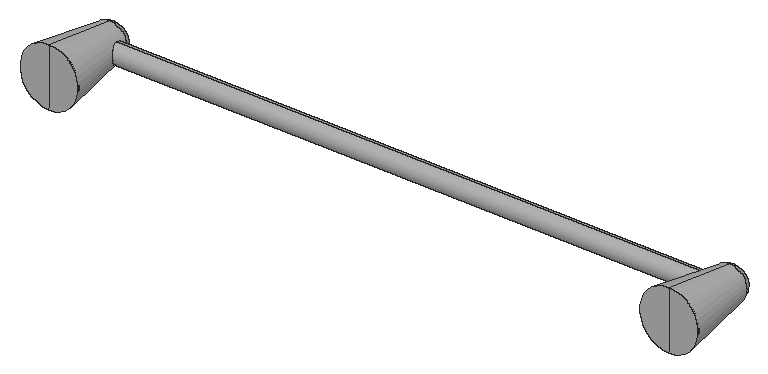
Revit family "AV6000001_Kit por 6 Accesorios Aluvia (Barra)", category Plumbing Fixtures, Revit 2019
Family settings
  Round Connector Dimension = Use Diameter
  Part Type = Normal
  OmniClass Number = 23.19.25.13.21.17
  Work Plane-Based = No
  Always vertical = Yes
  Cut with Voids When Loaded = No
  Shared = No
  Room Calculation Point = No
Parameters
  Uso = "Residencial"  # constant formula
  URL = "https://corona.co/productos/accesorios/kit-por-6-accesorios-aluvia/p/AV6000001"
  Resistencia = "Resistente a la corrosión pelado y decoloración por agua, Resistencia al peso general hasta 9 kg, Resistencia al peso del toallero barra hasta 23 kg"  # constant formula
  Número de piezas = "6"  # constant formula
  Materiales = "Cromado"  # constant formula
  Material = Corona_Cromo
  Línea = "Torino"  # constant formula
  Garantías de otros componentes = "2 años en acabados"  # constant formula
  Garantía = "30 años en estructura"  # constant formula
  Fecha de creación = "14/08/2020"  # constant formula
  Description = "Las líneas y formas suaves de los accesorios Aluvia están inspiradas en la erosión aluvial y se convierten en la mejor manera de modernizar el baño, manteniendo una sensación natural y relajada. ¡Descubre más de este kit!"  # constant formula
  Creado por = "IDD"  # constant formula
  Componentes = "Percha, Toallero, Jabonera, Barra, Cepillera, Portarrollo"  # constant formula
  Colección = "Gama Media 2010"  # constant formula
  Acabado = "Cromado"  # constant formula
Reference planes
  plane 1 "Center (Front/Back)": y = 0
  plane 2: z = 0
  plane 3 "Center (Left/Right)": x = 0
Forms (mm)
  Extrusion 1, solid, material "Corona_Cromo" <- "Material", detail levels coarse
    sketch origin (0, 0, 0) x (1, 0, 0) y (0, 1, 0)
      loop
        line (-224.605, 0) -> (227.451, 0) -> (227.451, 58.431) -> (-224.605, 58.431) -> (-224.605, 0)
    from -19.906 to 20.065
  Revolve 2, solid, material "Corona_Cromo" <- "Material", detail levels medium+fine
    sketch origin (-205.354, 3.898, 0) x (0, 1, 0) y (0, 0, 1)
      loop
        line (-3.898, 0) -> (55, 0)
        arc (55, 0) -> (52.737, 6.982) -> (46.809, 11.31) r 11.904
        line (46.809, 11.31) -> (-3.898, 19.421) -> (-3.898, 0)
      axis (55, 0) -> (-3.898, 0)
    angle from 0 to 360
  Revolve 3, solid, material "Corona_Cromo" <- "Material", detail levels medium+fine
    sketch origin (208.082, 3.898, 0) x (0, 1, 0) y (0, 0, 1)
      loop
        line (-3.898, 0) -> (55, 0)
        arc (55, 0) -> (52.737, 6.982) -> (46.809, 11.31) r 11.904
        line (46.809, 11.31) -> (-3.898, 19.421) -> (-3.898, 0)
      axis (55, 0) -> (-3.898, 0)
    angle from 0 to 360
  Revolve 4, solid, material "Corona_Cromo" <- "Material", detail levels medium+fine
    sketch origin (-41.101, 41.398, -506.301) x (1, 0, 0) y (0, 0, 1)
      loop
        line (247.106, 513.205) -> (-166.013, 513.205) -> (-166.013, 506.955) -> (247.106, 506.955) -> (247.106, 513.205)
      axis (247.106, 506.955) -> (-166.013, 506.955)
    angle from 0 to 360
Dimensions and locks
  aligned and locked: level to plane 2
